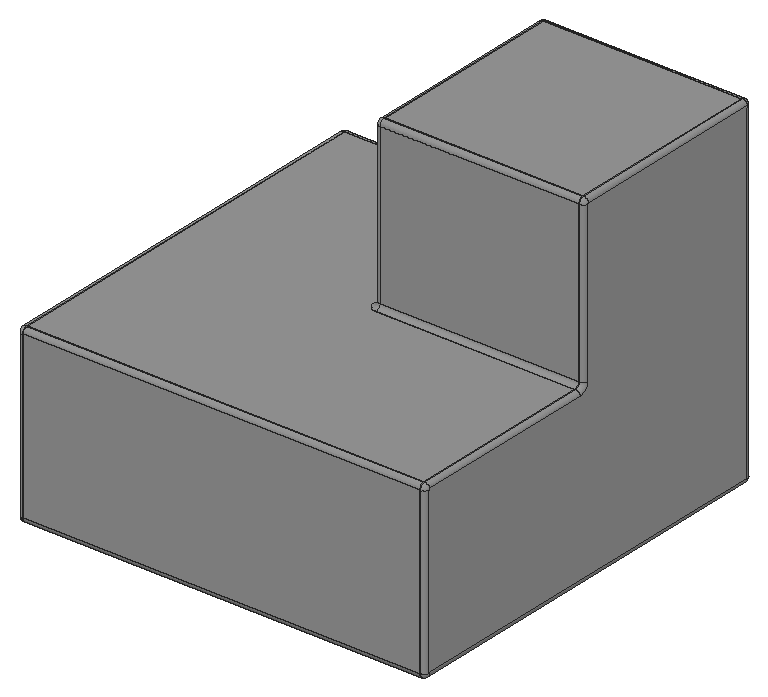
Revit family "TS1008 Elevate Two Tier Outside Corner", category Generic Models, Revit 2018
Family settings
  Can host rebar = No
  Round Connector Dimension = Use Diameter
  Part Type = Normal
  Work Plane-Based = No
  Always vertical = Yes
  Cut with Voids When Loaded = No
  Shared = No
  Room Calculation Point = No
Parameters
  Fabric = TS1008 Elevate Two Tier Outside Corner Fabric
Reference planes
  plane 1 "Center (Front/Back)": y = 0
  plane 2: z = 0
  plane 3 "Center (Left/Right)": x = 0
Forms (mm)
  Sweep 1, solid, material "TS1008 Elevate Two Tier Outside Corner Fabric" <- "Fabric"
    path origin (50.8, 0.006, 0) x (0, 1, 0) y (0, 0, -1)
      loop
        line (508, -12.7) -> (-507.494, -12.7)
        arc (-507.494, -12.7) -> (-507.852, -12.848) -> (-508, -13.206) r 0.506
        line (-508, -13.206) -> (-508, -433.589)
        arc (-508, -433.589) -> (-507.854, -433.94) -> (-507.503, -434.086) r 0.497
        line (-507.503, -434.086) -> (-25.4, -434.086)
        arc (-25.4, -434.086) -> (-7.439, -441.525) -> (0, -459.486) r 25.4
        line (0, -459.486) -> (0, -865.388)
        arc (0, -865.388) -> (0.146, -865.74) -> (0.498, -865.886) r 0.498
        line (0.498, -865.886) -> (508, -865.886)
    profile origin (50.8, 254.255, 865.886) x (0, 0, -1) y (-1, 0, 0)
      loop
        line (0, -457.2) -> (-12.7, -457.2)
        arc (-12.7, -457.2) -> (-8.98, -466.18) -> (0, -469.9) r 12.7
        line (0, -469.9) -> (0, -457.2)
  Extrusion 2, solid, material "TS1008 Elevate Two Tier Outside Corner Fabric" <- "Fabric"
    sketch origin (50.8, 0, 0) x (0, 1, 0) y (0, 0, 1)
      loop
        line (507.464, 865.886) -> (0.504, 865.886)
        arc (0.504, 865.886) -> (0.152, 865.74) -> (0.006, 865.388) r 0.498
        line (0.006, 865.388) -> (0.006, 459.486)
        arc (0.006, 459.486) -> (-7.433, 441.525) -> (-25.394, 434.086) r 25.4
        line (-25.394, 434.086) -> (-507.497, 434.086)
        arc (-507.497, 434.086) -> (-507.848, 433.94) -> (-507.994, 433.589) r 0.497
        line (-507.994, 433.589) -> (-507.994, 13.206)
        arc (-507.994, 13.206) -> (-507.845, 12.848) -> (-507.487, 12.7) r 0.506
        line (-507.487, 12.7) -> (507.487, 12.7)
        arc (507.487, 12.7) -> (507.854, 12.852) -> (508.006, 13.219) r 0.519
        line (508.006, 13.219) -> (508.006, 865.343)
        arc (508.006, 865.343) -> (507.847, 865.727) -> (507.464, 865.886) r 0.543
    from 457.2 to 469.9
  Sweep 3, solid, material "TS1008 Elevate Two Tier Outside Corner Fabric" <- "Fabric"
    path origin (0, 50.806, 0) x (1, 0, 0) y (0, 0, 1)
      loop
        arc (508, 865.343) -> (507.841, 865.727) -> (507.457, 865.886) r 0.543
        line (507.457, 865.886) -> (0.498, 865.886)
        arc (0.498, 865.886) -> (0.146, 865.74) -> (0, 865.388) r 0.498
        line (0, 865.388) -> (0, 459.486)
        arc (0, 459.486) -> (-7.439, 441.525) -> (-25.4, 434.086) r 25.4
        line (-25.4, 434.086) -> (-507.503, 434.086)
        arc (-507.503, 434.086) -> (-507.854, 433.94) -> (-508, 433.589) r 0.497
        line (-508, 433.589) -> (-508, 13.206)
        arc (-508, 13.206) -> (-507.852, 12.848) -> (-507.494, 12.7) r 0.506
        line (-507.494, 12.7) -> (507.481, 12.7)
        arc (507.481, 12.7) -> (507.848, 12.852) -> (508, 13.219) r 0.519
        line (508, 13.219) -> (508, 865.343)
    profile origin (508, 50.806, 439.281) x (0, -1, 0) y (1, 0, 0)
      loop
        line (-457.2, 0) -> (-457.2, 12.7)
        arc (-457.2, 12.7) -> (-466.18, 8.98) -> (-469.9, 0) r 12.7
        line (-469.9, 0) -> (-457.2, 0)
  Extrusion 4, solid, material "TS1008 Elevate Two Tier Outside Corner Fabric" <- "Fabric"
    sketch origin (-0.006, 50.806, 0) x (1, 0, 0) y (0, 0, -1)
      loop
        arc (507.464, -865.886) -> (507.847, -865.727) -> (508.006, -865.343) r 0.543
        line (508.006, -865.343) -> (508.006, -13.219)
        arc (508.006, -13.219) -> (507.854, -12.852) -> (507.487, -12.7) r 0.519
        line (507.487, -12.7) -> (-507.487, -12.7)
        arc (-507.487, -12.7) -> (-507.845, -12.848) -> (-507.994, -13.206) r 0.506
        line (-507.994, -13.206) -> (-507.994, -433.589)
        arc (-507.994, -433.589) -> (-507.848, -433.94) -> (-507.497, -434.086) r 0.497
        line (-507.497, -434.086) -> (-25.394, -434.086)
        arc (-25.394, -434.086) -> (-7.433, -441.525) -> (0.006, -459.486) r 25.4
        line (0.006, -459.486) -> (0.006, -865.388)
        arc (0.006, -865.388) -> (0.152, -865.74) -> (0.504, -865.886) r 0.498
        line (0.504, -865.886) -> (507.464, -865.886)
    from 457.2 to 469.9
  Sweep 5, solid, material "TS1008 Elevate Two Tier Outside Corner Fabric" <- "Fabric"
    path origin (0, -50.794, -431.8) x (1, 0, 0) y (0, 0, -1)
      loop
        line (-508, -865.886) -> (508, -865.886)
    profile origin (0, -50.794, 434.086) x (0, 0, -1) y (0, 1, 0)
      loop
        line (0, -457.2) -> (-12.7, -457.2)
        arc (-12.7, -457.2) -> (-8.98, -466.18) -> (0, -469.9) r 12.7
        line (0, -469.9) -> (0, -457.2)
  Extrusion 6, solid, material "TS1008 Elevate Two Tier Outside Corner Fabric" <- "Fabric"
    sketch origin (-0.006, -50.794, 0) x (1, 0, 0) y (0, 0, 1)
      loop
        line (507.464, 434.086) -> (-507.497, 434.086)
        arc (-507.497, 434.086) -> (-507.848, 433.94) -> (-507.994, 433.589) r 0.497
        line (-507.994, 433.589) -> (-507.994, 13.206)
        arc (-507.994, 13.206) -> (-507.845, 12.848) -> (-507.487, 12.7) r 0.506
        line (-507.487, 12.7) -> (507.487, 12.7)
        arc (507.487, 12.7) -> (507.854, 12.852) -> (508.006, 13.219) r 0.519
        line (508.006, 13.219) -> (508.006, 433.543)
        arc (508.006, 433.543) -> (507.847, 433.927) -> (507.464, 434.086) r 0.543
    from 457.2 to 469.9
  Sweep 7, solid, material "TS1008 Elevate Two Tier Outside Corner Fabric" <- "Fabric"
    path origin (0, -50.794, 878.563) x (1, 0, 0) y (0, 0, -1)
      loop
        line (-508, 865.886) -> (508, 865.886)
    profile origin (0, -50.794, 12.677) x (0, 0, -1) y (0, 1, 0)
      loop
        line (0, -457.2) -> (0, -469.9)
        arc (0, -469.9) -> (8.98, -466.18) -> (12.7, -457.2) r 12.7
        line (12.7, -457.2) -> (0, -457.2)
  Extrusion 8, solid, material "TS1008 Elevate Two Tier Outside Corner Fabric" <- "Fabric"
    sketch origin (-50.8, 0, 0) x (0, 1, 0) y (0, 0, -1)
      loop
        arc (507.464, -434.086) -> (507.847, -433.927) -> (508.006, -433.543) r 0.543
        line (508.006, -433.543) -> (508.006, -13.219)
        arc (508.006, -13.219) -> (507.854, -12.852) -> (507.487, -12.7) r 0.519
        line (507.487, -12.7) -> (-507.487, -12.7)
        arc (-507.487, -12.7) -> (-507.845, -12.848) -> (-507.994, -13.206) r 0.506
        line (-507.994, -13.206) -> (-507.994, -433.589)
        arc (-507.994, -433.589) -> (-507.848, -433.94) -> (-507.497, -434.086) r 0.497
        line (-507.497, -434.086) -> (507.464, -434.086)
    from 457.2 to 469.9
  Sweep 9, solid, material "TS1008 Elevate Two Tier Outside Corner Fabric" <- "Fabric"
    path origin (-50.8, 0.006, 878.563) x (0, 1, 0) y (0, 0, 1)
      loop
        line (508, -444.477) -> (-507.503, -444.477)
        arc (-507.503, -444.477) -> (-507.854, -444.622) -> (-508, -444.974) r 0.497
        line (-508, -444.974) -> (-508, -865.356)
        arc (-508, -865.356) -> (-507.852, -865.714) -> (-507.494, -865.886) r 0.506
        line (-507.494, -865.886) -> (508, -865.886)
    profile origin (-50.8, 0.26, 12.677) x (0, 0, 1) y (1, 0, 0)
      loop
        line (0, -457.2) -> (-12.7, -457.2)
        arc (-12.7, -457.2) -> (-8.98, -466.18) -> (0, -469.9) r 12.7
        line (0, -469.9) -> (0, -457.2)
  Sweep 10, solid, material "TS1008 Elevate Two Tier Outside Corner Fabric" <- "Fabric"
    path origin (0, 0, 0) x (1, 0, 0) y (0, 1, 0)
      loop
        line (0, 508.006) -> (0, 0.512)
        arc (0, 0.512) -> (0.15, 0.15) -> (0.512, 0) r 0.512
        line (0.512, 0) -> (508, 0)
    profile origin (0, 254.259, 0) x (1, 0, 0) y (0, 0, 1)
      loop
        arc (-12.7, 459.486) -> (-16.42, 450.506) -> (-25.4, 446.786) r 12.7
        line (-25.4, 446.786) -> (-25.4, 434.086)
        arc (-25.4, 434.086) -> (-7.439, 441.525) -> (0, 459.486) r 25.4
        line (0, 459.486) -> (0, 878.577)
        arc (0, 878.577) -> (-9.009, 874.543) -> (-12.7, 865.388) r 13.198
        line (-12.7, 865.388) -> (-12.7, 459.486)
  Extrusion 11, solid, material "TS1008 Elevate Two Tier Outside Corner Fabric" <- "Fabric"
    sketch origin (0, 0, 0) x (1, 0, 0) y (0, 1, 0)
      loop
        line (-507.494, 508.006) -> (-507.494, -507.994) -> (508, -507.994) -> (508, 508.006) -> (-507.494, 508.006)
    from 0 to 446.786
  Extrusion 12, solid, material "TS1008 Elevate Two Tier Outside Corner Fabric" <- "Fabric"
    sketch origin (0, 0, 0) x (1, 0, 0) y (0, 1, 0)
      loop
        arc (0, 0.512) -> (0.15, 0.15) -> (0.512, 0) r 0.512
        line (0.512, 0) -> (508, 0) -> (508, 508.006) -> (0, 508.006) -> (0, 0.512)
    from 446.786 to 878.586
Dimensions and locks
  aligned and locked: plane 2 to level
